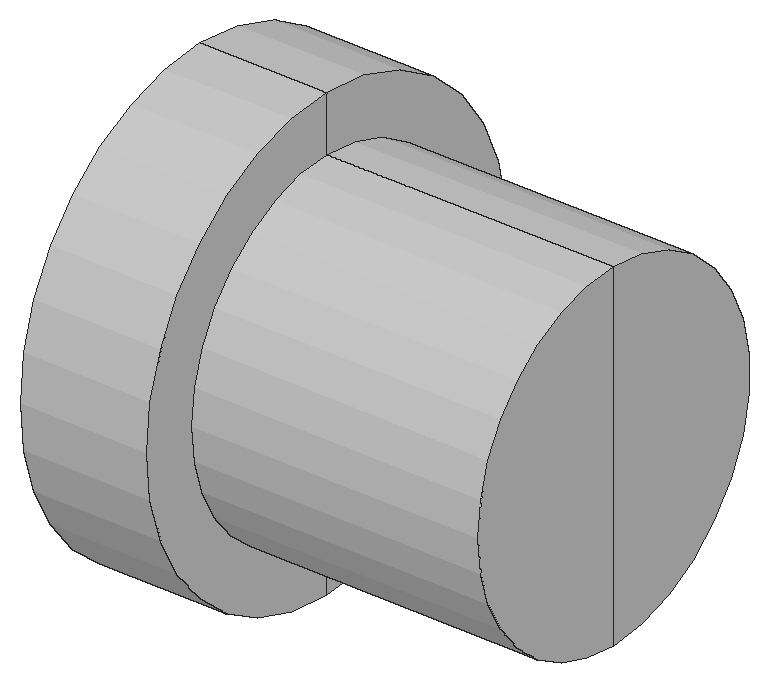
Revit family "6240_Schweißanschluss flachdichtend", category Rohrformteile, Revit 2021
Family settings
  Bemaßung runder Anschluss = Durchmesser verwenden
  Teiletyp = Verbindung
  OmniClass-Nummer = 23.65.55.14
  OmniClass-Titel = Valves for Liquid Services
  Arbeitsebenenbasiert = Nein
  Immer vertikal = Ja
  Beim Laden mit Abzugskörper schneiden = Nein
  Gemeinsam genutzt = Nein
Parameters (values of type "G2 3/8 x 60.3")
  Vorgabe-Ansicht = 0 mm
  URL = "www.herz-armaturen.at"
  Schweißanschluss = "Stahl 1.0576"  # constant formula
  SCRNSEQ = "AWI;AWI_TYP=\"1001\";2"
  SCRNCODE = "07;01;02"  # constant formula
  S02 = 8 mm  # constant formula
  S01 = GT  # 13.5 mm
  Nennweite_Schweiß = 50 mm
  Nennweite_IG = size_lookup("6240_", "DNü", 1 mm, Nennweite_Schweiß)  # 50 mm
  Mutter = "Messing CW614N, vernickelt"  # constant formula
  Medium = "Heizungswasser nach ÖNORM H5195 oder VDI- Richtlinie 2035.\r\nDie Verwendung von Ethylen- oder Propyleneglykol in einem Mischungsverhältnis 25- 50% ist zulässig."
  Max. Betriebstemperatur = 110 °C  # constant formula
  Max. Betriebsdruck = 1000000.0 Pa  # constant formula
  GT = size_lookup("6240_", "GT", 1 mm, Nennweite_Schweiß)  # 13.5 mm
  L01 = size_lookup("6240_", "L1", 1 mm, Nennweite_Schweiß)  # 22.5 mm
  L00 = size_lookup("6240_", "L", 1 mm, Nennweite_Schweiß)  # 73.5 mm
  Hersteller = "HERZ Armaturen Ges.m.b.H."  # constant formula
  Flachdichtung = "Klinger SIL- C4400"  # constant formula
  Bestellnummer [instance] = size_lookup("6240_", "Artnr", 0, Nennweite_Schweiß)  # 1624066
  D02 = size_lookup("6240_", "D2", 1 mm, Nennweite_Schweiß)  # 30.15 mm
  D01 = size_lookup("6240_", "D1", 1 mm, Nennweite_Schweiß)  # 25 mm
  D00 = size_lookup("6240_", "D", 1 mm, Nennweite_Schweiß)  # 40 mm
  Ausführung = "Schweißanschluss flachdichtend, Mutter und Dichtung."
Types (7, lengths in mm): name | S01 | Nennweite_Schweiß | Nennweite_IG | GT | L01 | L00 | Bestellnummer | D02 | D01 | D00
  (no name) | 13.5 | 50 | 50 | 13.5 | 22.5 | 73.5 | 1624066 | 30.15 | 25 | 40
  G3/4 x 21.3 | 10 | 15 | 20 | 10 | 14 | 54 | 1624001 | 10.65 | 10 | 16.5
  G1 x 26.8 | 12 | 20 | 25 | 12 | 16.5 | 56 | 1624002 | 13.4 | 12.5 | 19.5
  G1 1/4 x 33.7 | 10 | 25 | 32 | 10 | 14 | 58.5 | 1624063 | 16.85 | 16 | 25.5
  G1 1/2 x 41.0 | 14 | 32 | 40 | 14 | 19 | 66 | 1624064 | 20.5 | 20 | 29.5
  G1 3/4 x 47.5 | 16 | 40 | 40 | 16 | 23 | 71.5 | 1624065 | 23.75 | 20 | 32
  G2 3/8 x 60.3 | 13.5 | 50 | 50 | 13.5 | 22.5 | 73.5 | 1624066 | 30.15 | 25 | 40
Reference planes
  plane 1 "Mitte (Vorne/hinten)": y = 0
  plane 2: z = 0
  plane 3 "Mitte (Links/rechts)": x = 0
Forms (mm)
  Revolve 1, solid, material "Messing, vernickelt", detail levels fine
    sketch origin (0, 0, 0) x (1, 0, 0) y (0, 0, 1)
      loop
        line (0, 25) -> (13.5, 25) -> (13.5, 0) -> (73.5, 0) -> (73.5, 30.15) -> (22.5, 30.15) -> (22.5, 40) -> (0, 40) -> (0, 25)
      axis (0, 0) -> (73.5, 0)
    angle from 0 to 360
Lines and regions (mm)
  model lines, detail levels coarse+medium
    curve 1: line (0, 0, 0) -> (73.5, 0, 0)
    curve 2: line (13.5, 0, 40) -> (13.5, 0, -40)
    curve 3: line (13.5, 0, -40) -> (21.5, 0, -40)
    curve 4: line (21.5, 0, -40) -> (13.5, 0, 0)
    curve 5: line (13.5, 0, 40) -> (21.5, 0, 40)
    curve 6: line (21.5, 0, 40) -> (13.5, 0, 0)
    curve 7: line (13.5, 40, 0) -> (13.5, -40, 0)
    curve 8: line (13.5, -40, 0) -> (21.5, -40, 0)
    curve 9: line (21.5, -40, 0) -> (13.5, 0, 0)
    curve 10: line (13.5, 40, 0) -> (21.5, 40, 0)
    curve 11: line (21.5, 40, 0) -> (13.5, 0, 0)
Dimensions and locks
  "L01": Revolve 1 sketch curve to plane 3 "Mitte (Links/rechts)"
  "L00": Revolve 1 sketch curve to plane 3 "Mitte (Links/rechts)"
  "D00": Revolve 1 sketch curve to plane 2
  "D01": Revolve 1 sketch curve to plane 2
  "D02": Revolve 1 sketch curve to plane 2
  "GT": Revolve 1 sketch curve to plane 3 "Mitte (Links/rechts)"
  "L00": curve 1 to curve 1
  "S01": curve 2 to plane 3 "Mitte (Links/rechts)"
  "S02": curve 2 to curve 6
  "S02": curve 2 to curve 4
  "S01": curve 1 to curve 7
  "S02": curve 7 to curve 11
  "S02": curve 7 to curve 9
  "D00": curve 8 to plane 1 "Mitte (Vorne/hinten)" to curve 10
  "D00": curve 5 to plane 2 to curve 3
  aligned and locked: level to plane 2
Automatic sketch dimensions
  curve 1 to level = 0 mm
  curve 1 to plane 3 "Mitte (Links/rechts)" = 0 mm
  curve 4 to level = 0 mm
  curve 6 to curve 4 = 0 mm
  plane 1 "Mitte (Vorne/hinten)" to curve 9 = 0 mm
  plane 1 "Mitte (Vorne/hinten)" to curve 11 = 0 mm
  Revolve 1 sketch curve to level = 0 mm  (x2)
  Revolve 1 sketch curve to plane 3 "Mitte (Links/rechts)" = 0 mm
  Revolve 1 sketch curve to plane 3 "Mitte (Links/rechts)" = 1506.53 mm
  Revolve 1 sketch curve to Revolve 1 sketch curve = 1792.148 mm
Connectors
  piping at (13.5, 0, 0), diameter 50, driven by "Nennweite_IG"
    settings: on Revolve 1, index 1, connector inside diameter 609.6 mm, connector length 0 mm, flow factor 0, pipe flow 0.0 L/s, pressure drop 0.0 Pa, fitting loss kfactor 0, connector angle 0.00°, fixture units 0, engagement length 0 mm, angle of deflection 0.00°, flow configuration 0, flow direction 0, fitting loss method 0, system type 29, joint type 0, gender type 0, connector reference index -1, connector utility 0, adjustable connector no, is connector primary yes, connector description ""
  piping at (73.5, 0, 0), diameter 50, driven by "Nennweite_Schweiß"
    settings: on Revolve 1, index 2, connector inside diameter 609.6 mm, connector length 0 mm, flow factor 0, pipe flow 0.0 L/s, pressure drop 0.0 Pa, fitting loss kfactor 0, connector angle 0.00°, fixture units 0, engagement length 0 mm, angle of deflection 0.00°, flow configuration 0, flow direction 0, fitting loss method 0, system type 29, joint type 0, gender type 0, connector reference index -1, connector utility 0, adjustable connector no, is connector primary no, connector description ""
